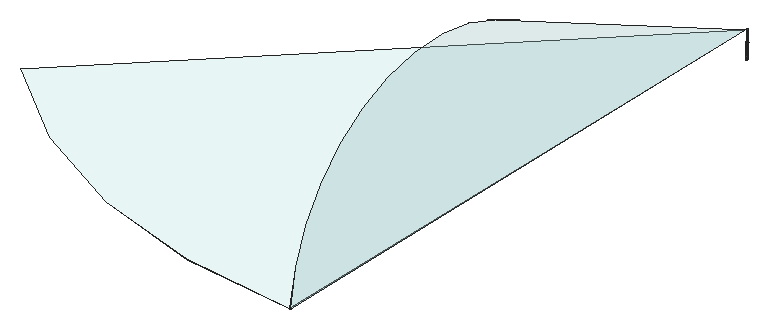
Revit family "Rotor 5000 Series - 5012+PCSAMRNP", category Acessórios do tubo, Revit 2020
Family settings
  Cota do conector redondo = Utilizar diâmetro
  Tipo de parte = Normal
  Número OmniClass = 23.60.30.11.14
  Título OmniClass = Pipework Fittings
  Com base no plano de trabalho = Não
  Sempre na vertical = Sim
  Corte com vazios quando carregada = Não
  Compartilhado = Não
Parameters (values of type "Rain Curtain 6.0")
  Water = Water
  URL = "https://www.rainbird.com/"
  TABLE 65 = "TABLE 65psi"
  TABLE 55 75 = "TABLE 55 75psi"
  TABLE 55 = "TABLE 55psi"
  TABLE 45 = "TABLE 45psi"
  TABLE 35 = "TABLE 35psi"
  TABLE 25 = "TABLE 25psi"
  SupportProjetos: Reviw Date = ""  # constant formula
  SupportProjetos: Reviw = "R00"  # constant formula
  SupportProjetos: Level of Detail = "LOD 300"  # constant formula
  SupportProjetos: Developed = "MICHEL SOARES MOTA"  # constant formula
  SupportProjetos: Creation Date = "07/08/2020"  # constant formula
  Side inlet = no
  Rotation Water Visibility [instance] = Pop up on  # yes
  Rotation Angle [instance] = 45.00°
  RainBird: Product Link = "https://www.rainbird.com/"
  RainBird: Description = "5012+PC-SAM-R-NP Rotor "  # constant formula
  RainBird: Comment [instance] = ""
  RainBird: Code = "Y66070NP"  # constant formula
  Radius [instance] = if(and(Pressure = 25.0 psi, Instance < 25 ft), size_lookup(TABLE 25, "Radius", 0 ft, Instance), if(and(Pressure = 35.0 psi, Instance < 25 ft), size_lookup(TABLE 35, "Radius", 0 ft, Instance), if(and(Pressure = 45.0 psi, Instance < 25 ft), size_lookup(TABLE 45, "Radius", 0 ft, Instance), if(and(Pressure = 55.0 psi, Instance < 13 ft), size_lookup(TABLE 55, "Radius", 0 ft, Instance), if(and(Pressure = 65.0 psi, Instance < 13 ft), size_lookup(TABLE 65, "Radius", 0 ft, Instance), if(and(Pressure > 55.0 psi, Instance > 13 ft), size_lookup(TABLE 55 75, "Radius", 0 ft, Instance), 0 ft))))))  # 50 ft
  RT = 0.009893 ft
  RN = 0.032808 ft
  R5 = 0.03937 ft
  R4 = 0.04101 ft
  R3 = 0.065617 ft
  R2 = 0.075407 ft
  R1 = 0.032808 ft
  Pressure [instance] = 55.0 psi
  Pop up height = 1.001 ft  # constant formula
  Pop up on [instance] = yes
  Modelo = "5012+PCSAMRNP"  # constant formula
  Instance = 7 ft
  H1 = Body height / 3  # 0.469 ft
  Flow [instance] = if(and(Pressure = 25.0 psi, Instance < 25 ft), size_lookup(TABLE 25, "Flow", 0.0 GPM, Instance), if(and(Pressure = 35.0 psi, Instance < 25 ft), size_lookup(TABLE 35, "Flow", 0.0 GPM, Instance), if(and(Pressure = 45.0 psi, Instance < 25 ft), size_lookup(TABLE 45, "Flow", 0.0 GPM, Instance), if(and(Pressure = 55.0 psi, Instance < 13 ft), size_lookup(TABLE 55, "Flow", 0.0 GPM, Instance), if(and(Pressure = 65.0 psi, Instance < 13 ft), size_lookup(TABLE 65, "Flow", 0.0 GPM, Instance), if(and(Pressure > 55.0 psi, Instance > 13 ft), size_lookup(TABLE 55 75, "Flow", 0.0 GPM, Instance), 0.0 GPM))))))  # 6.63 GPM
  Fabricante = "Rain Bird"
  Elevação padrão = 0 ft
  Description = RainBird: Description  # "5012+PC-SAM-R-NP Rotor "
  DD13 = 0.002625 ft
  DD12 = 0.003937 ft
  DD11 = 0.009897 ft
  DD10 = 0.016404 ft
  DD8 [instance] = if(Pop up on, Pop up height, 0 ft)  # 1.001 ft
  DD7 = 0.019685 ft
  DD6 [instance] = 0.016404 ft
  DD5 = 0.065617 ft
  DD4 = 0.032808 ft
  DD3 = 0.091048 ft
  DD2 [instance] = 0.024514 ft
  DD9 [instance] = if(Pop up on, Pop up height + 0.049541 ft, 0 ft)  # 1.050541 ft
  DD1 = 0.006562 ft
  Conection = 0.062664 ft  # constant formula
  Body height = 1.407 ft  # constant formula
  Blue = Blue Plastic
  Black Plastic = Black Plastic
  Angle = 25.00°
Types (25, lengths in ft): name | Rotation Angle | Radius | Pressure | Instance | Flow
  (no name) | 45.00° | 50 | 55.0 psi | 7 | 6.63 GPM
  Rain Curtain 1.5 | 180.00° | 33 | 25.0 psi | 1 | 1.12 GPM
  Rain Curtain 2.0 | 180.00° | 35 | 25.0 psi | 2 | 1.5 GPM
  Rain Curtain 3.0 | 180.00° | 36 | 25.0 psi | 4 | 2.26 GPM
  Rain Curtain 4.0 | 180.00° | 36 | 25.0 psi | 5 | 2.91 GPM
  Rain Curtain 5.0 | 180.00° | 37 | 25.0 psi | 6 | 3.72 GPM
  Rain Curtain 6.0 | 45.00° | 50 | 55.0 psi | 7 | 6.63 GPM
  Rain Curtain 8.0 | 180.00° | 33 | 25.0 psi | 8 | 5.9 GPM
  Rain Curtain 2.5 | 180.00° | 35 | 25.0 psi | 3 | 1.81 GPM
  1.0 LA | 180.00° | 25 | 25.0 psi | 9 | 0.76 GPM
  1.5 LA | 180.00° | 27 | 25.0 psi | 10 | 1.15 GPM
  2.0 LA | 180.00° | 29 | 25.0 psi | 11 | 1.47 GPM
  3.0 LA | 180.00° | 29 | 25.0 psi | 12 | 2.23 GPM
  PRS Rain Curtain 1.5 | 180.00° | 33 | 25.0 psi | 13 | 1.12 GPM
  PRS Rain Curtain 2.0 | 180.00° | 35 | 25.0 psi | 14 | 1.5 GPM
  PRS Rain Curtain 2.5 | 180.00° | 35 | 25.0 psi | 15 | 1.81 GPM
  PRS Rain Curtain 3.0 | 180.00° | 36 | 25.0 psi | 16 | 2.26 GPM
  PRS Rain Curtain 4.0 | 180.00° | 36 | 25.0 psi | 17 | 2.91 GPM
  PRS Rain Curtain 5.0 | 180.00° | 37 | 25.0 psi | 18 | 3.72 GPM
  PRS Rain Curtain 6.0 | 180.00° | 37 | 25.0 psi | 19 | 4.25 GPM
  PRS Rain Curtain 8.0 | 180.00° | 33 | 25.0 psi | 20 | 5.9 GPM
  PRS 1.0 LA | 180.00° | 25 | 25.0 psi | 21 | 0.76 GPM
  PRS 1.5 LA | 180.00° | 27 | 25.0 psi | 22 | 1.15 GPM
  PRS 2.0 LA | 180.00° | 29 | 25.0 psi | 23 | 1.47 GPM
  PRS 3.0 LA | 180.00° | 29 | 25.0 psi | 24 | 2.23 GPM
Reference planes (ft)
  plane 1 "Centro (Frente/Trás)": y = 0
  plane 2: z = 0
  plane 3 "Centro (Esquerda/Direita)": x = 0
  plane 4: z = 0.003937
  plane 5: z = 0.002625
  plane 6: y = -0.065617
Forms (ft)
  Revolve 1, solid, material "Black Plastic" <- "Black Plastic"
    sketch origin (0, 0, 0) x (1, 0, 0) y (0, 0, 1)
      loop
        line (0.075407, -0.091048) -> (0.075407, -0.035324)
        arc (0.075407, -0.035324) -> (0.072509, -0.028329) -> (0.065514, -0.025431) r 0.009893
        line (0.065514, -0.025431) -> (0.046098, -0.025431) -> (0.046098, 0) -> (0.03937, 0) -> (0.03937, -1.001) -> (0.019685, -1.001) -> (0.019685, -1.400438) -> (0.032808, -1.400438) -> (0.032808, -1.407) -> (0.04101, -1.407) -> (0.04101, -1.400438) -> (0.055724, -1.400438)
        arc (0.055724, -1.400438) -> (0.062719, -1.397541) -> (0.065617, -1.390545) r 0.009893
        line (0.065617, -1.390545) -> (0.065617, -0.091048) -> (0.075407, -0.091048)
      axis (0, -1.407) -> (0, 0)
    angle from 0 to 360
  Extrusion 2, solid, material "Black Plastic" <- "Black Plastic"
    sketch origin (0, 0, 0) x (1, 0, 0) y (0, 1, 0)
      loop
        circle (0, 0) r 0.032808
    from -1.001 to 1.001
  Extrusion 3, void
    sketch origin (0, 0, 0) x (1, 0, 0) y (0, 1, 0)
      loop
        circle (0, 0) r 0.022844
    from -1.001 to 1.001
  Revolve 4, solid, material "Black Plastic" <- "Black Plastic"
    sketch origin (0, 0, 0) x (1, 0, 0) y (0, 0, 1)
      loop
        line (0, 1.001) -> (0.037004, 1.001) -> (0.037004, 1.010897)
        arc (0.037004, 1.010897) -> (0.01879, 1.01579) -> (0, 1.017404) r 0.10685
        line (0, 1.017404) -> (0, 1.001)
      axis (0, 1.001) -> (0, 1.017404)
    angle from 0 to 360
  Extrusion 5, solid, material "Blue Plastic" <- "Blue"
    sketch origin (0, 0, 0) x (1, 0, 0) y (0, 0, 1)
      loop
        circle (0, 0.976486) r 0.009129
      loop
        circle (0, 0.976486) r 0.004793
    from 0 to 0.034386
  Extrusion 6, void
    sketch origin (0, 0, 0) x (1, 0, 0) y (0, 0, 1)
      loop
        line (-0.02074, 0.328055) -> (-0.02074, 0.282426) -> (0.020672, 0.282426) -> (0.020672, 0.328055) -> (-0.02074, 0.328055)
      loop
        line (-0.018439, 0.325179) -> (-0.018439, 0.285685) -> (0.018179, 0.285685) -> (0.018179, 0.325179) -> (-0.018439, 0.325179)
    from 0.024556 to 0.06931
  Extrusion 7, solid, material "Black Plastic" <- "Black Plastic"
    sketch origin (0, 0, 0) x (1, 0, 0) y (0, 0, 1)
      loop
        line (0.046098, 0) -> (0.046098, -0.036876) -> (0.073493, -0.036876) -> (0.046098, 0)
    from -0.002998 to 0.002998
  Extrusion 8, solid, material "Black Plastic" <- "Black Plastic"
    sketch origin (0, 0, 0) x (-1, 0, 0) y (0, 0, -1)
      loop
        line (0.046098, 0) -> (0.073493, 0.036876) -> (0.046098, 0.036876) -> (0.046098, 0)
    from -0.002998 to 0.002998
  Extrusion 9, solid, material "Black Plastic" <- "Black Plastic"
    sketch origin (0, 0, 0) x (0.866025, 0.5, 0) y (0, 0, 1)
      loop
        line (0.046098, 0) -> (0.046098, -0.036876) -> (0.073493, -0.036876) -> (0.046098, 0)
    from -0.002998 to 0.002998
  Extrusion 10, solid, material "Black Plastic" <- "Black Plastic"
    sketch origin (0, 0, 0) x (-0.866025, -0.5, 0) y (0, 0, -1)
      loop
        line (0.046098, 0) -> (0.073493, 0.036876) -> (0.046098, 0.036876) -> (0.046098, 0)
    from -0.002998 to 0.002998
  Extrusion 11, solid, material "Black Plastic" <- "Black Plastic"
    sketch origin (0, 0, 0) x (0, 1, 0) y (0, 0, 1)
      loop
        line (0.046098, 0) -> (0.046098, -0.036876) -> (0.073493, -0.036876) -> (0.046098, 0)
    from -0.002998 to 0.002998
  Extrusion 12, solid, material "Black Plastic" <- "Black Plastic"
    sketch origin (0, 0, 0) x (0, -1, 0) y (0, 0, -1)
      loop
        line (0.046098, 0) -> (0.073493, 0.036876) -> (0.046098, 0.036876) -> (0.046098, 0)
    from -0.002998 to 0.002998
  Extrusion 13, solid, material "Black Plastic" <- "Black Plastic"
    sketch origin (0, 0, 0) x (0.5, 0.866025, 0) y (0, 0, 1)
      loop
        line (0.046098, 0) -> (0.046098, -0.036876) -> (0.073493, -0.036876) -> (0.046098, 0)
    from -0.002998 to 0.002998
  Extrusion 14, solid, material "Black Plastic" <- "Black Plastic"
    sketch origin (0, 0, 0) x (-0.5, -0.866025, 0) y (0, 0, -1)
      loop
        line (0.046098, 0) -> (0.073493, 0.036876) -> (0.046098, 0.036876) -> (0.046098, 0)
    from -0.002998 to 0.002998
  Extrusion 15, solid, material "Black Plastic" <- "Black Plastic"
    sketch origin (0, 0, 0) x (-0.5, 0.866025, 0) y (0, 0, 1)
      loop
        line (0.046098, 0) -> (0.046098, -0.036876) -> (0.073493, -0.036876) -> (0.046098, 0)
    from -0.002998 to 0.002998
  Extrusion 16, solid, material "Black Plastic" <- "Black Plastic"
    sketch origin (0, 0, 0) x (0.5, -0.866025, 0) y (0, 0, -1)
      loop
        line (0.046098, 0) -> (0.073493, 0.036876) -> (0.046098, 0.036876) -> (0.046098, 0)
    from -0.002998 to 0.002998
  Extrusion 17, solid, material "Black Plastic" <- "Black Plastic"
    sketch origin (0, 0, 0) x (-0.866025, 0.5, 0) y (0, 0, 1)
      loop
        line (0.046098, 0) -> (0.046098, -0.036876) -> (0.073493, -0.036876) -> (0.046098, 0)
    from -0.002998 to 0.002998
  Extrusion 18, solid, material "Black Plastic" <- "Black Plastic"
    sketch origin (0, 0, 0) x (0.866025, -0.5, 0) y (0, 0, -1)
      loop
        line (0.046098, 0) -> (0.073493, 0.036876) -> (0.046098, 0.036876) -> (0.046098, 0)
    from -0.002998 to 0.002998
  Extrusion 19, void
    sketch origin (0, 0, 0) x (1, 0, 0) y (0, 1, 0)
      loop
        line (-0.002998, 0.077702) -> (-0.002998, 0.071655) -> (0.002998, 0.071655) -> (0.002998, 0.077702) -> (-0.002998, 0.077702)
    from -0.091048 to 0.82021
  Extrusion 20, void
    sketch origin (0, 0, 0) x (1, 0, 0) y (0, 1, 0)
      loop
        line (0.002998, -0.077702) -> (0.002998, -0.071655) -> (-0.002998, -0.071655) -> (-0.002998, -0.077702) -> (0.002998, -0.077702)
    from -0.091048 to 0.82021
  Extrusion 21, void
    sketch origin (0, 0, 0) x (0.965926, 0.258819, 0) y (-0.258819, 0.965926, 0)
      loop
        line (-0.002998, 0.077702) -> (-0.002998, 0.071655) -> (0.002998, 0.071655) -> (0.002998, 0.077702) -> (-0.002998, 0.077702)
    from -0.091048 to 0.82021
  Extrusion 22, void
    sketch origin (0, 0, 0) x (0.965926, 0.258819, 0) y (-0.258819, 0.965926, 0)
      loop
        line (0.002998, -0.077702) -> (0.002998, -0.071655) -> (-0.002998, -0.071655) -> (-0.002998, -0.077702) -> (0.002998, -0.077702)
    from -0.091048 to 0.82021
  Extrusion 23, void
    sketch origin (0, 0, 0) x (0.866025, 0.5, 0) y (-0.5, 0.866025, 0)
      loop
        line (-0.002998, 0.077702) -> (-0.002998, 0.071655) -> (0.002998, 0.071655) -> (0.002998, 0.077702) -> (-0.002998, 0.077702)
    from -0.091048 to 0.82021
  Extrusion 24, void
    sketch origin (0, 0, 0) x (0.866025, 0.5, 0) y (-0.5, 0.866025, 0)
      loop
        line (0.002998, -0.077702) -> (0.002998, -0.071655) -> (-0.002998, -0.071655) -> (-0.002998, -0.077702) -> (0.002998, -0.077702)
    from -0.091048 to 0.82021
  Extrusion 25, void
    sketch origin (0, 0, 0) x (0.5, 0.866025, 0) y (-0.866025, 0.5, 0)
      loop
        line (-0.002998, 0.077702) -> (-0.002998, 0.071655) -> (0.002998, 0.071655) -> (0.002998, 0.077702) -> (-0.002998, 0.077702)
    from -0.091048 to 0.82021
  Extrusion 26, void
    sketch origin (0, 0, 0) x (0.5, 0.866025, 0) y (-0.866025, 0.5, 0)
      loop
        line (0.002998, -0.077702) -> (0.002998, -0.071655) -> (-0.002998, -0.071655) -> (-0.002998, -0.077702) -> (0.002998, -0.077702)
    from -0.091048 to 0.82021
  Extrusion 27, void
    sketch origin (0, 0, 0) x (0.707107, 0.707107, 0) y (-0.707107, 0.707107, 0)
      loop
        line (-0.002998, 0.077702) -> (-0.002998, 0.071655) -> (0.002998, 0.071655) -> (0.002998, 0.077702) -> (-0.002998, 0.077702)
    from -0.091048 to 0.82021
  Extrusion 28, void
    sketch origin (0, 0, 0) x (0.707107, 0.707107, 0) y (-0.707107, 0.707107, 0)
      loop
        line (0.002998, -0.077702) -> (0.002998, -0.071655) -> (-0.002998, -0.071655) -> (-0.002998, -0.077702) -> (0.002998, -0.077702)
    from -0.091048 to 0.82021
  Extrusion 29, void
    sketch origin (0, 0, 0) x (0.258819, 0.965926, 0) y (-0.965926, 0.258819, 0)
      loop
        line (-0.002998, 0.077702) -> (-0.002998, 0.071655) -> (0.002998, 0.071655) -> (0.002998, 0.077702) -> (-0.002998, 0.077702)
    from -0.091048 to 0.82021
  Extrusion 30, void
    sketch origin (0, 0, 0) x (0.258819, 0.965926, 0) y (-0.965926, 0.258819, 0)
      loop
        line (0.002998, -0.077702) -> (0.002998, -0.071655) -> (-0.002998, -0.071655) -> (-0.002998, -0.077702) -> (0.002998, -0.077702)
    from -0.091048 to 0.82021
  Extrusion 31, void
    sketch origin (0, 0, 0) x (0, 1, 0) y (-1, 0, 0)
      loop
        line (-0.002998, 0.077702) -> (-0.002998, 0.071655) -> (0.002998, 0.071655) -> (0.002998, 0.077702) -> (-0.002998, 0.077702)
    from -0.091048 to 0.82021
  Extrusion 32, void
    sketch origin (0, 0, 0) x (0, 1, 0) y (-1, 0, 0)
      loop
        line (0.002998, -0.077702) -> (0.002998, -0.071655) -> (-0.002998, -0.071655) -> (-0.002998, -0.077702) -> (0.002998, -0.077702)
    from -0.091048 to 0.82021
  Extrusion 33, void
    sketch origin (0, 0, 0) x (-0.258819, 0.965926, 0) y (-0.965926, -0.258819, 0)
      loop
        line (-0.002998, 0.077702) -> (-0.002998, 0.071655) -> (0.002998, 0.071655) -> (0.002998, 0.077702) -> (-0.002998, 0.077702)
    from -0.091048 to 0.82021
  Extrusion 34, void
    sketch origin (0, 0, 0) x (-0.258819, 0.965926, 0) y (-0.965926, -0.258819, 0)
      loop
        line (0.002998, -0.077702) -> (0.002998, -0.071655) -> (-0.002998, -0.071655) -> (-0.002998, -0.077702) -> (0.002998, -0.077702)
    from -0.091048 to 0.82021
  Extrusion 35, void
    sketch origin (0, 0, 0) x (-0.5, 0.866025, 0) y (-0.866025, -0.5, 0)
      loop
        line (-0.002998, 0.077702) -> (-0.002998, 0.071655) -> (0.002998, 0.071655) -> (0.002998, 0.077702) -> (-0.002998, 0.077702)
    from -0.091048 to 0.82021
  Extrusion 36, void
    sketch origin (0, 0, 0) x (-0.5, 0.866025, 0) y (-0.866025, -0.5, 0)
      loop
        line (0.002998, -0.077702) -> (0.002998, -0.071655) -> (-0.002998, -0.071655) -> (-0.002998, -0.077702) -> (0.002998, -0.077702)
    from -0.091048 to 0.82021
  Extrusion 37, void
    sketch origin (0, 0, 0) x (-0.707107, 0.707107, 0) y (-0.707107, -0.707107, 0)
      loop
        line (-0.002998, 0.077702) -> (-0.002998, 0.071655) -> (0.002998, 0.071655) -> (0.002998, 0.077702) -> (-0.002998, 0.077702)
    from -0.091048 to 0.82021
  Extrusion 38, void
    sketch origin (0, 0, 0) x (-0.707107, 0.707107, 0) y (-0.707107, -0.707107, 0)
      loop
        line (0.002998, -0.077702) -> (0.002998, -0.071655) -> (-0.002998, -0.071655) -> (-0.002998, -0.077702) -> (0.002998, -0.077702)
    from -0.091048 to 0.82021
  Extrusion 39, void
    sketch origin (0, 0, 0) x (-0.866025, 0.5, 0) y (-0.5, -0.866025, 0)
      loop
        line (-0.002998, 0.077702) -> (-0.002998, 0.071655) -> (0.002998, 0.071655) -> (0.002998, 0.077702) -> (-0.002998, 0.077702)
    from -0.091048 to 0.82021
  Extrusion 40, void
    sketch origin (0, 0, 0) x (-0.866025, 0.5, 0) y (-0.5, -0.866025, 0)
      loop
        line (0.002998, -0.077702) -> (0.002998, -0.071655) -> (-0.002998, -0.071655) -> (-0.002998, -0.077702) -> (0.002998, -0.077702)
    from -0.091048 to 0.82021
  Extrusion 41, void
    sketch origin (0, 0, 0) x (-0.965926, 0.258819, 0) y (-0.258819, -0.965926, 0)
      loop
        line (-0.002998, 0.077702) -> (-0.002998, 0.071655) -> (0.002998, 0.071655) -> (0.002998, 0.077702) -> (-0.002998, 0.077702)
    from -0.091048 to 0.82021
  Extrusion 42, void
    sketch origin (0, 0, 0) x (-0.965926, 0.258819, 0) y (-0.258819, -0.965926, 0)
      loop
        line (0.002998, -0.077702) -> (0.002998, -0.071655) -> (-0.002998, -0.071655) -> (-0.002998, -0.077702) -> (0.002998, -0.077702)
    from -0.091048 to 0.82021
  Extrusion 43, solid, material "Water" <- "Water", visible <- "Rotation Water Visibility"
    sketch origin (0, 0, 0) x (0, 1, 0) y (0, 0, 1)
      loop
        line (-0.032808, 0.976486) -> (-27.537562, 13.802163)
        arc (-27.537562, 13.802163) -> (-42.101455, 13.205804) -> (-50.032808, 0.976486) r 15.866188
        line (-50.032808, 0.976486) -> (-0.032808, 0.976486)
    from -0.008202 to 0.008202
Cuts and joins
  Extrusion 3, Extrusion 6 cuts Extrusion 2
  Extrusion 19, Extrusion 20, Extrusion 21, Extrusion 22, Extrusion 23, Extrusion 24, Extrusion 25, Extrusion 26, Extrusion 27, Extrusion 28, Extrusion 29, Extrusion 30, Extrusion 31, Extrusion 32, Extrusion 33, Extrusion 34, Extrusion 35, Extrusion 36, Extrusion 37, Extrusion 38, Extrusion 39, Extrusion 40, Extrusion 41, Extrusion 42 cuts Revolve 1
Dimensions and locks (ft)
  "Body height": level to Revolve 1 sketch curve
  "R2": Revolve 1 sketch curve to plane 3 "Centro (Esquerda/Direita)"
  "DD1": Revolve 1 sketch curve to Revolve 1 sketch curve
  "DD3": level to Revolve 1 sketch curve
  Revolve 1 sketch curve to plane 3 "Centro (Esquerda/Direita)" = 0.065617 ft
  "R4": Revolve 1 sketch curve to plane 3 "Centro (Esquerda/Direita)"
  "RN": Revolve 1 sketch curve to plane 3 "Centro (Esquerda/Direita)"
  "Pop up height": level to Revolve 1 sketch curve
  "R5": plane 3 "Centro (Esquerda/Direita)" to Revolve 1 sketch curve
  "DD7": Revolve 1 sketch curve to plane 3 "Centro (Esquerda/Direita)"
  "DD8": Extrusion 2 to level
  "DD12": plane 4 to level
  "DD13": plane 5 to level
  "R3": plane 6 to plane 1 "Centro (Frente/Trás)"
  "DD5": Revolve 1 sketch curve to Revolve 1 sketch curve
  "DD10": Revolve 4 sketch curve to Revolve 4 sketch curve
  "DD11": Revolve 4 sketch curve to Revolve 4 sketch curve
  "DD2": Revolve 4 to Extrusion 5 sketch curve  (x2)
  Extrusion 7 to plane 3 "Centro (Esquerda/Direita)" = 0.046098 ft
  equal spacing: Extrusion 7, plane 1 "Centro (Frente/Trás)", Extrusion 7
  Extrusion 8 to Extrusion 8 = 0.005995 ft
  Extrusion 9 to Extrusion 9 = 0.005995 ft
  Extrusion 20 sketch curve to Extrusion 20 sketch curve = 0.005995 ft
  Extrusion 22 sketch curve to Extrusion 22 sketch curve = 0.005995 ft
  Extrusion 24 sketch curve to Extrusion 24 sketch curve = 0.005995 ft
  Extrusion 26 sketch curve to Extrusion 26 sketch curve = 0.005995 ft
  Extrusion 28 sketch curve to Extrusion 28 sketch curve = 0.005995 ft
  Extrusion 30 sketch curve to Extrusion 30 sketch curve = 0.005995 ft
  Extrusion 32 sketch curve to Extrusion 32 sketch curve = 0.005995 ft
  Extrusion 34 sketch curve to Extrusion 34 sketch curve = 0.005995 ft
  Extrusion 36 sketch curve to Extrusion 36 sketch curve = 0.005995 ft
  Extrusion 38 sketch curve to Extrusion 38 sketch curve = 0.005995 ft
  Extrusion 40 sketch curve to Extrusion 40 sketch curve = 0.005995 ft
  Extrusion 42 sketch curve to Extrusion 42 sketch curve = 0.005995 ft
  "DD4": plane 1 "Centro (Frente/Trás)" to Extrusion 43 sketch curve
  "DD2": Revolve 4 to Extrusion 43 sketch curve
  "Radius": Extrusion 43 sketch curve to Extrusion 43 sketch curve
  equal spacing: Extrusion 43, plane 3 "Centro (Esquerda/Direita)", Extrusion 43
  "DD6": Extrusion 43 to Extrusion 43
  "DD2": Revolve 4 to nested 1
  "RT": radius of Revolve 1 sketch curve  (x2)
  "R1": radius of Extrusion 2 sketch curve
  "Angle": angle Extrusion 43 sketch curve to Extrusion 43 sketch curve
  aligned and locked: level to plane 2
  aligned and locked: Revolve 1 sketch curve to Revolve 1 sketch curve
  aligned and locked: Extrusion 2 to Revolve 1
  aligned and locked: cut or joined group of Extrusion 2, Extrusion 3, Extrusion 6 to cut or joined group of Extrusion 2, Extrusion 3, Extrusion 6  (x2)
  aligned and locked: Revolve 4 sketch curve to cut or joined group of Extrusion 2, Extrusion 3, Extrusion 6
  aligned and locked: Extrusion 20 to Revolve 1
  aligned and locked: Extrusion 22 to Revolve 1
  aligned and locked: Extrusion 24 to Revolve 1
  aligned and locked: Extrusion 28 to Revolve 1
  aligned and locked: Extrusion 26 to Revolve 1
  aligned and locked: Extrusion 30 to Revolve 1
  aligned and locked: Extrusion 32 to Revolve 1
  aligned and locked: Extrusion 34 to Revolve 1
  aligned and locked: Revolve 1 to Extrusion 36
  aligned and locked: Revolve 1 to Extrusion 38
  aligned and locked: Extrusion 41 to Revolve 1
  aligned and locked: Extrusion 39 to Revolve 1
  aligned and locked: Extrusion 37 to Revolve 1
  aligned and locked: Extrusion 35 to Revolve 1
  aligned and locked: Extrusion 33 to Revolve 1
  aligned and locked: Extrusion 31 to Revolve 1
  aligned and locked: Extrusion 29 to Revolve 1
  aligned and locked: Revolve 1 to Extrusion 25
  aligned and locked: Revolve 1 to Extrusion 27
  aligned and locked: Revolve 1 to Extrusion 19
  aligned and locked: Revolve 1 to Extrusion 21
  aligned and locked: Revolve 1 to Extrusion 42
  aligned and locked: Revolve 1 to Extrusion 40
  aligned and locked: Revolve 1 to Extrusion 23
Automatic sketch dimensions
  plane 1 "Centro (Frente/Trás)" to Extrusion 2 sketch curve = 0 ft
  Extrusion 2 sketch curve to plane 3 "Centro (Esquerda/Direita)" = 0 ft
  plane 1 "Centro (Frente/Trás)" to Extrusion 3 sketch curve = 0 ft
  Extrusion 3 sketch curve to plane 3 "Centro (Esquerda/Direita)" = 0 ft
  Revolve 4 sketch curve to plane 3 "Centro (Esquerda/Direita)" = 0 ft  (x2)
  plane 3 "Centro (Esquerda/Direita)" to Revolve 4 sketch curve = 0.000284 ft
  plane 3 "Centro (Esquerda/Direita)" to Revolve 4 sketch curve = 0.037004 ft
  Revolve 4 sketch curve to Revolve 4 sketch curve = 0.015719 ft
  Revolve 4 sketch curve to Revolve 4 sketch curve = 0.114829 ft
  Extrusion 5 sketch curve to Extrusion 5 sketch curve = 0 ft
  Extrusion 5 sketch curve to plane 3 "Centro (Esquerda/Direita)" = 0 ft
  Extrusion 6 sketch curve to plane 3 "Centro (Esquerda/Direita)" = 0.02074 ft
  Extrusion 6 sketch curve to Extrusion 6 sketch curve = 0.002301 ft
  plane 3 "Centro (Esquerda/Direita)" to Extrusion 6 sketch curve = 0.018179 ft
  Extrusion 6 sketch curve to Extrusion 6 sketch curve = 0.002492 ft
  plane 4 to Extrusion 6 sketch curve = 0.278489 ft
  Extrusion 6 sketch curve to Extrusion 6 sketch curve = 0.003259 ft
  Extrusion 6 sketch curve to Extrusion 6 sketch curve = 0.039494 ft
  Extrusion 6 sketch curve to Extrusion 6 sketch curve = 0.002876 ft
  Extrusion 7 sketch curve to level = 0 ft
  plane 3 "Centro (Esquerda/Direita)" to Extrusion 7 sketch curve = 0.046098 ft
  Extrusion 7 sketch curve to Extrusion 7 sketch curve = 0.027396 ft
  Extrusion 7 sketch curve to Extrusion 7 sketch curve = 0.036876 ft
  Extrusion 8 sketch curve to level = 0 ft
  plane 3 "Centro (Esquerda/Direita)" to Extrusion 8 sketch curve = 0.046098 ft
  Extrusion 8 sketch curve to Extrusion 8 sketch curve = 0.027396 ft
  Extrusion 8 sketch curve to Extrusion 8 sketch curve = 0.036876 ft
  Extrusion 9 sketch curve to level = 0 ft
  Extrusion 9 sketch curve to level = 0.036876 ft
  Extrusion 9 sketch curve to Extrusion 9 sketch curve = 0.027396 ft
  Extrusion 10 sketch curve to level = 0 ft
  Extrusion 10 sketch curve to level = 0.036876 ft
  Extrusion 10 sketch curve to Extrusion 10 sketch curve = 0.027396 ft
  Extrusion 11 sketch curve to level = 0 ft
  Extrusion 11 sketch curve to plane 1 "Centro (Frente/Trás)" = 0.046098 ft
  Extrusion 11 sketch curve to Extrusion 11 sketch curve = 0.027396 ft
  Extrusion 11 sketch curve to Extrusion 11 sketch curve = 0.036876 ft
  Extrusion 12 sketch curve to level = 0 ft
  plane 6 to Extrusion 12 sketch curve = 0.019519 ft
  Extrusion 12 sketch curve to plane 6 = 0.007877 ft
  Extrusion 12 sketch curve to level = 0.036876 ft
  Extrusion 13 sketch curve to level = 0 ft
  Extrusion 13 sketch curve to level = 0.036876 ft
  Extrusion 13 sketch curve to Extrusion 13 sketch curve = 0.027396 ft
  Extrusion 14 sketch curve to level = 0 ft
  Extrusion 14 sketch curve to level = 0.036876 ft
  Extrusion 14 sketch curve to Extrusion 14 sketch curve = 0.027396 ft
  level to Extrusion 15 sketch curve = 0 ft
  Extrusion 15 sketch curve to level = 0.036876 ft
  Extrusion 15 sketch curve to Extrusion 15 sketch curve = 0.027396 ft
  level to Extrusion 16 sketch curve = 0 ft
  Extrusion 16 sketch curve to level = 0.036876 ft
  Extrusion 16 sketch curve to Extrusion 16 sketch curve = 0.027396 ft
  level to Extrusion 17 sketch curve = 0 ft
  Extrusion 17 sketch curve to level = 0.036876 ft
  Extrusion 17 sketch curve to Extrusion 17 sketch curve = 0.027396 ft
  level to Extrusion 18 sketch curve = 0 ft
  Extrusion 18 sketch curve to level = 0.036876 ft
  Extrusion 18 sketch curve to Extrusion 18 sketch curve = 0.027396 ft
  Extrusion 19 sketch curve to plane 3 "Centro (Esquerda/Direita)" = 0.002998 ft
  Extrusion 19 sketch curve to plane 1 "Centro (Frente/Trás)" = 0.071655 ft
  Extrusion 19 sketch curve to Extrusion 19 sketch curve = 0.006047 ft
  plane 3 "Centro (Esquerda/Direita)" to Extrusion 20 sketch curve = 0.002998 ft
  plane 6 to Extrusion 20 sketch curve = 0.006038 ft
  Extrusion 20 sketch curve to Extrusion 20 sketch curve = 0.006047 ft
  plane 3 "Centro (Esquerda/Direita)" to Extrusion 19 sketch curve = 0.002998 ft
  Extrusion 21 sketch curve to plane 3 "Centro (Esquerda/Direita)" = 0.021441 ft
  Extrusion 21 sketch curve to plane 1 "Centro (Frente/Trás)" = 0.068438 ft
  Extrusion 21 sketch curve to Extrusion 21 sketch curve = 0.005995 ft
  Extrusion 21 sketch curve to Extrusion 21 sketch curve = 0.006047 ft
  Extrusion 22 sketch curve to plane 6 = 0.010213 ft
  plane 3 "Centro (Esquerda/Direita)" to Extrusion 22 sketch curve = 0.017215 ft
  Extrusion 22 sketch curve to Extrusion 22 sketch curve = 0.006047 ft
  Extrusion 23 sketch curve to plane 3 "Centro (Esquerda/Direita)" = 0.038424 ft
  Extrusion 23 sketch curve to plane 1 "Centro (Frente/Trás)" = 0.060556 ft
  Extrusion 23 sketch curve to Extrusion 23 sketch curve = 0.005995 ft
  Extrusion 23 sketch curve to Extrusion 23 sketch curve = 0.006047 ft
  Extrusion 24 sketch curve to plane 6 = 0.003174 ft
  plane 3 "Centro (Esquerda/Direita)" to Extrusion 24 sketch curve = 0.036255 ft
  Extrusion 24 sketch curve to Extrusion 24 sketch curve = 0.006047 ft
  Extrusion 25 sketch curve to plane 1 "Centro (Frente/Trás)" = 0.033231 ft
  Extrusion 25 sketch curve to plane 3 "Centro (Esquerda/Direita)" = 0.063554 ft
  Extrusion 25 sketch curve to Extrusion 25 sketch curve = 0.005995 ft
  Extrusion 25 sketch curve to Extrusion 25 sketch curve = 0.006047 ft
  Extrusion 26 sketch curve to plane 6 = 0.02417 ft
  Extrusion 26 sketch curve to plane 3 "Centro (Esquerda/Direita)" = 0.065793 ft
  Extrusion 26 sketch curve to Extrusion 26 sketch curve = 0.006047 ft
  Extrusion 27 sketch curve to plane 1 "Centro (Frente/Trás)" = 0.048548 ft
  Extrusion 27 sketch curve to plane 3 "Centro (Esquerda/Direita)" = 0.052787 ft
  Extrusion 27 sketch curve to Extrusion 27 sketch curve = 0.005995 ft
  Extrusion 27 sketch curve to Extrusion 27 sketch curve = 0.006047 ft
  plane 6 to Extrusion 28 sketch curve = 0.008554 ft
  plane 3 "Centro (Esquerda/Direita)" to Extrusion 28 sketch curve = 0.052824 ft
  Extrusion 28 sketch curve to Extrusion 28 sketch curve = 0.006047 ft
  Extrusion 29 sketch curve to plane 1 "Centro (Frente/Trás)" = 0.01565 ft
  Extrusion 29 sketch curve to plane 3 "Centro (Esquerda/Direita)" = 0.069989 ft
  Extrusion 29 sketch curve to Extrusion 29 sketch curve = 0.005995 ft
  Extrusion 29 sketch curve to Extrusion 29 sketch curve = 0.006047 ft
  plane 1 "Centro (Frente/Trás)" to Extrusion 30 sketch curve = 0.023006 ft
  plane 3 "Centro (Esquerda/Direita)" to Extrusion 30 sketch curve = 0.074278 ft
  Extrusion 30 sketch curve to Extrusion 30 sketch curve = 0.006047 ft
  plane 1 "Centro (Frente/Trás)" to Extrusion 31 sketch curve = 0.002998 ft
  Extrusion 31 sketch curve to plane 1 "Centro (Frente/Trás)" = 0.002998 ft
  Extrusion 31 sketch curve to plane 3 "Centro (Esquerda/Direita)" = 0.071655 ft
  Extrusion 31 sketch curve to Extrusion 31 sketch curve = 0.006047 ft
  plane 1 "Centro (Frente/Trás)" to Extrusion 32 sketch curve = 0.002998 ft
  plane 3 "Centro (Esquerda/Direita)" to Extrusion 32 sketch curve = 0.077702 ft
  Extrusion 32 sketch curve to Extrusion 32 sketch curve = 0.006047 ft
  plane 1 "Centro (Frente/Trás)" to Extrusion 33 sketch curve = 0.021441 ft
  Extrusion 33 sketch curve to plane 3 "Centro (Esquerda/Direita)" = 0.068438 ft
  Extrusion 33 sketch curve to Extrusion 33 sketch curve = 0.005995 ft
  Extrusion 33 sketch curve to Extrusion 33 sketch curve = 0.006047 ft
  Extrusion 34 sketch curve to plane 1 "Centro (Frente/Trás)" = 0.017215 ft
  plane 3 "Centro (Esquerda/Direita)" to Extrusion 34 sketch curve = 0.07583 ft
  Extrusion 34 sketch curve to Extrusion 34 sketch curve = 0.006047 ft
  plane 6 to Extrusion 35 sketch curve = 0.027193 ft
  Extrusion 35 sketch curve to plane 3 "Centro (Esquerda/Direita)" = 0.060556 ft
  Extrusion 35 sketch curve to Extrusion 35 sketch curve = 0.005995 ft
  Extrusion 35 sketch curve to Extrusion 35 sketch curve = 0.006047 ft
  Extrusion 36 sketch curve to plane 1 "Centro (Frente/Trás)" = 0.036255 ft
  plane 3 "Centro (Esquerda/Direita)" to Extrusion 36 sketch curve = 0.068791 ft
  Extrusion 36 sketch curve to Extrusion 36 sketch curve = 0.006047 ft
  plane 6 to Extrusion 37 sketch curve = 0.012829 ft
  Extrusion 37 sketch curve to plane 3 "Centro (Esquerda/Direita)" = 0.048548 ft
  Extrusion 37 sketch curve to Extrusion 37 sketch curve = 0.005995 ft
  Extrusion 37 sketch curve to Extrusion 37 sketch curve = 0.006047 ft
  Extrusion 38 sketch curve to plane 1 "Centro (Frente/Trás)" = 0.052824 ft
  plane 3 "Centro (Esquerda/Direita)" to Extrusion 38 sketch curve = 0.057063 ft
  Extrusion 38 sketch curve to Extrusion 38 sketch curve = 0.006047 ft
  plane 6 to Extrusion 39 sketch curve = 0.002063 ft
  Extrusion 39 sketch curve to plane 3 "Centro (Esquerda/Direita)" = 0.033231 ft
  Extrusion 39 sketch curve to Extrusion 39 sketch curve = 0.005995 ft
  Extrusion 39 sketch curve to Extrusion 39 sketch curve = 0.006047 ft
  plane 3 "Centro (Esquerda/Direita)" to Extrusion 40 sketch curve = 0.041447 ft
  Extrusion 40 sketch curve to plane 1 "Centro (Frente/Trás)" = 0.065793 ft
  Extrusion 40 sketch curve to Extrusion 40 sketch curve = 0.006047 ft
  Extrusion 41 sketch curve to plane 6 = 0.004372 ft
  Extrusion 41 sketch curve to plane 3 "Centro (Esquerda/Direita)" = 0.01565 ft
  Extrusion 41 sketch curve to Extrusion 41 sketch curve = 0.005995 ft
  Extrusion 41 sketch curve to Extrusion 41 sketch curve = 0.006047 ft
  plane 3 "Centro (Esquerda/Direita)" to Extrusion 42 sketch curve = 0.023006 ft
  Extrusion 42 sketch curve to plane 1 "Centro (Frente/Trás)" = 0.074278 ft
  Extrusion 42 sketch curve to Extrusion 42 sketch curve = 0.006047 ft
  Revolve 1 sketch curve to plane 3 "Centro (Esquerda/Direita)" = 0 ft
  Revolve 1 sketch curve to level = 0 ft
  Revolve 1 sketch curve to Revolve 1 sketch curve = 0.019416 ft
  plane 4 to Revolve 1 sketch curve = 0.079347 ft
  Revolve 1 sketch curve to Revolve 1 sketch curve = 0.918635 ft
  Extrusion 43 sketch curve to level = 0.577487 ft
  radius of Extrusion 3 sketch curve = 0.022844 ft
  radius of Extrusion 5 sketch curve = 0.009129 ft
  radius of Extrusion 5 sketch curve = 0.004793 ft
Nested families (ft)
  nested 1: "Water" at (-0.000165, 0, 0.857227) x (0, -1, 0) z (0, 0, 1), DT9 <- "DD4", Radius <- "Radius", visible <- "Rotation Water Visibility", Rotation Angle <- "Rotation Angle", type "Water"
    with Rotation Angle 45.00°, Radius 50 ft, DT9 0.032808 ft, DT8 0 ft, DT7 200 ft, DT4 250 ft, Angle 2 315.00°
Connectors (ft)
  piping at (0, 0, -1.407), diameter 2
    settings: on cut or joined group of Revolve 1, Extrusion 19, Extrusion 20, Extrusion 21, Extrusion 22, Extrusion 23, Extrusion 24, Extrusion 25, Extrusion 26, Extrusion 27, Extrusion 28, Extrusion 29, Extrusion 30, Extrusion 31, Extrusion 32, Extrusion 33, Extrusion 34, Extrusion 35, Extrusion 36, Extrusion 37, Extrusion 38, Extrusion 39, Extrusion 40, Extrusion 41, Extrusion 42, index 1, connector inside diameter 609.6 mm, connector length 0 ft, flow factor 0, pipe flow 0.0 GPM, pressure drop 0.0 psi, fitting loss kfactor 0, connector angle 0.00°, fixture units 0, engagement length 0 ft, angle of deflection 0.00°, flow configuration 0, flow direction 0, fitting loss method 0, system type 28, joint type 0, gender type 0, connector reference index -1, connector utility 0, adjustable connector no, is connector primary yes, connector description ""
Definition of nested family "Water"
  Parameters (values of type "Water")
    Water Visibility (Circle) = yes
    Water = none
    URL = ""
    SupportProjetos: Reviw Date = ""  # constant formula
    SupportProjetos: Level of Detail = "LOD 300"  # constant formula
    SupportProjetos: Developed = "MICHEL SOARES MOTA"  # constant formula
    SupportProjetos: Creation Date = "16/07/2020"  # constant formula
    Rotation Angle [instance] = 90.00°
    Reviw = "R00"  # constant formula
    Radius [instance] = 14 ft
    Model = ""
    Default Elevation = 4 ft
    Description = ""
    DT9 [instance] = 0.032808 ft
    DT8 [instance] = if(Rotation Angle = 360.00°, 10 ft, 0 ft)  # 0 ft
    DT7 [instance] = 4 * Radius  # 56 ft
    DT4 [instance] = 5 * Radius  # 70 ft
    DT2 = 0.098425 ft  # constant formula
    DT6 = 0 ft
    Angle 2 [instance] = if(Rotation Angle = 360.00°, 180.00°, 360.00° - Rotation Angle)  # 270.00°
  Reference planes (ft)
    plane 1 "Centro (Frente/Trás)": y = 0
    plane 2: z = 0
    plane 3 "Centro (Esquerda/Direita)": x = 0
  Forms (ft)
    Revolve 1, solid, material <- "Water", visible <- "Water Visibility (Circle)"
      sketch origin (0, 0, 0) x (1, 0, 0) y (0, 0, 1)
        loop
          line (0.032808, 0.098425) -> (14.032808, 0.098425) -> (14.032808, 0.119259) -> (0.032808, 0.119259) -> (0.032808, 0.098425)
        axis (0, 0.098425) -> (0, 0.119259)
      angle from 0 to 360
    Extrusion 2, void
      sketch origin (0, 0, 0) x (1, 0, 0) y (0, 1, 0)
        loop
          line (0, 0) -> (70, 0) -> (70, 56)
          arc (70, 56) -> (-70.459018, 51.588344) -> (0, -70) r 81.847109
          line (0, -70) -> (0, 0)
      from 0 to 15.189231
  Cuts and joins
    Extrusion 2 cuts Revolve 1
  Dimensions and locks (ft)
    "DT2": Revolve 1 sketch curve to level
    "DT4": Extrusion 2 sketch curve to Extrusion 2 sketch curve  (x2)
    "DT6": Extrusion 2 sketch curve to plane 3 "Centro (Esquerda/Direita)"
    "DT7": Extrusion 2 sketch curve to Extrusion 2 sketch curve
    "DT8": cut or joined group of Revolve 1, Extrusion 2 to level
    "Radius": Revolve 1 sketch curve to Revolve 1 sketch curve
    "DT9": Revolve 1 sketch curve to plane 3 "Centro (Esquerda/Direita)"
    "Angle 2": angle Extrusion 2 sketch curve to Extrusion 2 sketch curve
    aligned and locked: level to plane 2
    aligned and locked: plane 1 "Centro (Frente/Trás)" to Extrusion 2 sketch curve
  Automatic sketch dimensions
    plane 3 "Centro (Esquerda/Direita)" to Extrusion 2 sketch curve = 1.088227 ft
    Revolve 1 sketch curve to plane 3 "Centro (Esquerda/Direita)" = 0 ft
    Revolve 1 sketch curve to Revolve 1 sketch curve = 0.020833 ft
    Revolve 1 sketch curve to Revolve 1 sketch curve = 0.032113 ft
    Revolve 1 sketch curve to Revolve 1 sketch curve = 10.2693 ft
